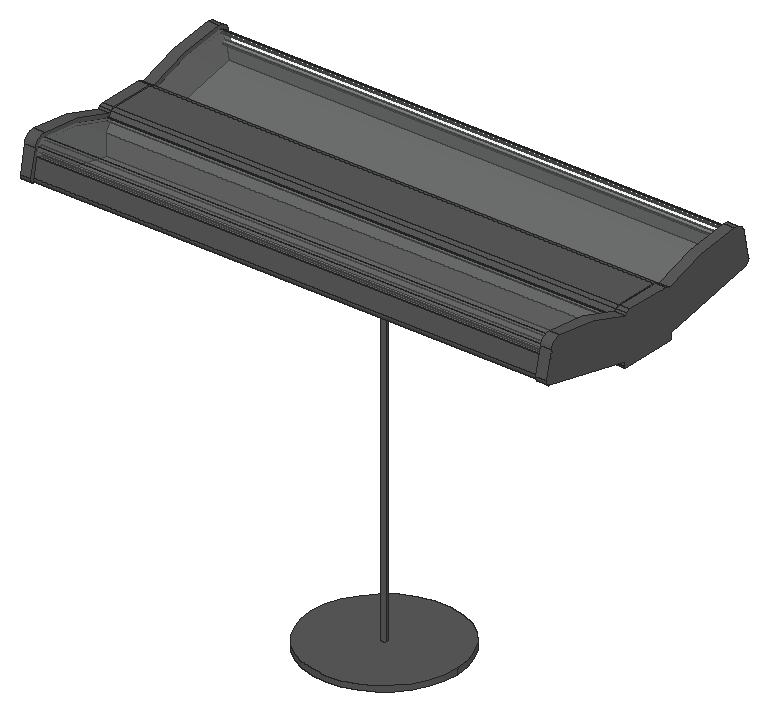
Revit family "Lighting_Linear_LED_StarTek_Avion1", category Lighting Fixtures, host Face, Revit 2019
Family settings
  Host = Face
  Round Connector Dimension = Use Diameter
  Part Type = Normal
  OmniClass Number = 23.80.70.11
  OmniClass Title = Luminaries for Internal Lighting
  Cut with Voids When Loaded = No
  Light Source = Yes
  Shared = No
  Room Calculation Point = No
Parameters (values of type "Not a Type - Load Type Catalog!")
  Width = 0' - 8 51/128"  # constant formula
  Weight = if(Length = 1' 6", 6.00 lbf, 11.60 lbf)  # 6.00 lbf
  Wattage Comments = "Efficacy up to 153 lm/W"
  Wattage = 135.7 W
  Voltage Range = "120-277V"
  built-in parameter 1150110 = 1 (stored number, unit not read)
  Voltage = 120 V
  URL = "https://starteklightingamerica.com/avion/"
  Type Comments = "Linear Lighting Fixture"  # constant formula
  built-in parameter 1114217 = 1 (stored number, unit not read)
  Tilt Angle = 90.00°  # constant formula
  built-in parameter 1150109 = 1 (stored number, unit not read)
  built-in parameter 1150134 = (empty or 0)
  built-in parameter 1150113 = 1 (stored number, unit not read)
  Product data url = "https://www.bimobject.com/startek-lighting/product/avion"
  Product Material [instance] = StarTek Lighting - Aluminum - Powder Coat Black
  Power Factor = 1
  Photometric Web File = "Generic Light Source Shown : Please download and link the IES file that best matches your fixture specification"
  Photometric Note = "Import IES files https://starteklightingamerica.com/"  # constant formula
  Phase = 1
  Output = "Standard"
  Number of Poles = 1
  Mounting [instance] = Mounting : Rigid Pendant (PM) - Specify Length
  Mount Finish Note [instance] = "Rigid pendant can be ordered in white (PMW) and black (PMB). Aircraft cables can be ordered in white (with loop: ALW, with canopy: ACW) and black (with loop: ALB, with canopy: ACB)."  # constant formula
  Mount Finish [instance] = StarTek Lighting - Aluminum - Powder Coat Black
  Model = ""
  Min Cord/Rod Length [instance] = 0' - 1"  # constant formula
  Max Cord/Rod Length [instance] = if(or(Mounting = AC 05, Mounting = AL05), 5' 0", if(or(Mounting = AC 10, Mounting = AL10), 10' 0", 10' 0"))  # 10' - 0"
  Manufacturer = "StarTek Lighting"  # constant formula
  MEP distance [instance] = if(and(Mounting = [Rigid Pendant (PM)], Length = 1' 6"), 0' 0", if(Length = 1' 6", 0' 6 3/8", 1' 3 3/8"))  # 0' - 0"
  built-in parameter 1150105 = 1490.2 (stored number, unit not read)
  Lumens = 18726.6 lm
  built-in parameter 1150115 = 1 (stored number, unit not read)
  built-in parameter 1150137 = (empty or 0)
  built-in parameter 1150139 = (empty or 0)
  Length = 1' - 6"
  Left cord 18" visibility [instance] = if(and(Length = 1' 6", Mounting = [Rigid Pendant (PM)]), 1 > 2, if(Length = 1' 6", 2 > 1, 1 > 2))  # no
  Lamp length 36" = Length = 3' 0"  # no
  Lamp length 18" = Length = 1' 6"  # yes
  built-in parameter 1150112 = 1 (stored number, unit not read)
  built-in parameter 1150114 = 1 (stored number, unit not read)
  Lamp = "LED"  # constant formula
  Keynote = "16500"
  Input Wattage = 45 W
  built-in parameter 1150132 = 2
  built-in parameter 1150102 = (empty or 0)
  built-in parameter 1150107 = 3500 (stored number, unit not read)
  built-in parameter 1150138 = (empty or 0)
  built-in parameter 1150106 = 14.902 (stored number, unit not read)
  Height = 0' - 2 13/128"  # constant formula
  Frequency = 60 Hz
  Field Specified Cable Length Override [instance] = no
  Description = "Avion"  # constant formula
  Emit from Rectangle Width = 0' - 8 3/8"  # constant formula
  Emit from Rectangle Length = Length - 0' 0 1/2"  # 1' - 5 1/2"
  Emit Shape Visible in Rendering = no
  built-in parameter 1150104 = 12.821 (stored number, unit not read)
  Dimming Lamp Color Temperature Shift = <None>
  Default Elevation = 4' - 0"
  Cord/rod length parameter [instance] = if(and(or(Mounting = AC 05, Mounting = AL05, Mounting = AC 10, Mounting = AL10), not(Field Specified Cable Length Override)), [Max Cord/Rod Length], if(and(Field Specified Cable Length Override, [Cord/Rod Length] < [Min Cord/Rod Length]), [Min Cord/Rod Length], if(and(Field Specified Cable Length Override, [Cord/Rod Length] > [Max Cord/Rod Length]), [Max Cord/Rod Length], [Cord/Rod Length])))  # 1' - 0"
  Rigid Pendant (PM) = Mounting : Rigid Pendant (PM) - Specify Length
  Cord/Rod Length [instance] = 1' - 0"
  AL05 = Mounting : Aircraft Cable with Loop 5' (AL05)
  AC 10 = Mounting : Aircraft Cable with Canopy 10' (AC10)
  AL10 = Mounting : Aircraft Cable with Loop 10' (AL10)
  AC 05 = Mounting : Aircraft Cable with Canopy 5' (AC05)
  Color Filter = 16777215
  Color [instance] = "Available options: Powder Coat White (PW), Powder Coat Black (PB), Powder Coat Silver (PS), Powder Coat Other (PBO)"  # constant formula
  built-in parameter 1114218 = 1 (stored number, unit not read)
  built-in parameter 1150133 = 10 (stored number, unit not read)
  Assembly Code = "D5020200"
  Apparent Load = Input Wattage / (Number of Poles * Power Factor)  # 45 VA
Reference planes (in)
  plane 1 "Center (Front/Back)": y = 0
  plane 2: z = 0
  plane 3 "Center (Left/Right)": x = 0
  plane 4: z = 12
  plane 5: x = 0
  plane 6: x = -9
  plane 7: x = 9
  plane 8: x = -8.63
  plane 9: x = 8.63
Forms (in)
  Extrusion 1, solid, material "StarTek Lighting - Aluminum - Powder Coat Black" <- "Product Material", detail levels fine
    sketch origin (0, 15.197, 12) x (0, 1, 0) y (-1, 0, 0)
      loop
        circle (-15.197, 6.375) r 0.1805
      loop
        circle (-15.197, 7.09113) r 0.36797
      loop
        circle (-15.197, -7) r 0.1805
    from 0 to 0.101
Dimensions and locks (in)
  locked: plane 4 to imposter light at 2.31677
  "Cord/rod length parameter": plane 4 to plane 2
  "MEP distance": plane 3 "Center (Left/Right)" to plane 5
  equal spacing: plane 6, plane 3 "Center (Left/Right)", plane 7
  "Length": plane 6 to plane 7
  locked: plane 9 to plane 7 at 0.37
  locked: plane 6 to plane 8 at 0.37
  plane 6 to Extrusion 1 sketch curve to Extrusion 1 sketch curve = 0' - 1.90887" locked, 0' - 0.71613" locked
  locked: Extrusion 1 sketch curve to plane 7 at 2
  aligned and locked: plane 2 to host face
  aligned and locked: level to host face
  aligned and locked: plane 2 to nested 1
  aligned and locked: plane 5 to nested 1
  aligned and locked: plane 1 "Center (Front/Back)" to nested 5
  aligned and locked: plane 3 "Center (Left/Right)" to nested 5
Automatic sketch dimensions
  host sketch curve to host sketch curve = 8' - 0"  (x2)
  plane 1 "Center (Front/Back)" to Extrusion 1 sketch curve = 0' - 0"  (x3)
  radius of Extrusion 1 sketch curve = 0' - 0.1805"  (x2)
  radius of Extrusion 1 sketch curve = 0' - 0.36797"
Nested families (in)
  nested 1: "Mounting" at (0, 0, 0), type <- "Mounting", Cord length <- "Cord/rod length parameter", type "Rigid Pendant (PM) - Specify Length"
    with Cord length 1' - 0", MAX cord length 5' - 0"
  nested 2: "Mounting" at (7, 0, 0), type <- "Mounting", visible <- "Left cord 18" visibility", Cord length <- "Cord/rod length parameter", type "Rigid Pendant (PM) - Specify Length"
    with Cord length 1' - 0", MAX cord length 5' - 0"
  nested 3: "Mounting" at (16, 0, 0), type <- "Mounting", visible <- "Lamp length 36"", Cord length <- "Cord/rod length parameter", type "Rigid Pendant (PM) - Specify Length"
    with Cord length 1' - 0", MAX cord length 5' - 0"
  nested 4: "Lena2d" at (0, 0, 0), Lamp length 18" <- "Lamp length 18"", Lamp length 36" <- "Lamp length 36"", type "Default"
    with Lamp length 36" no, Lamp length 18" yes
  nested 5: "Geometry" at (0, 0, 12), type "Geometry"
Connectors (in)
  electrical at (0, 0, 0), driven by "Power Factor", driven by "Apparent Load", driven by "Voltage", driven by "Number of Poles", driven by "Apparent Load"
    settings: on nested 1, index 1, voltage 120 V, apparent load 45 VA, apparent load phase1 45 VA, apparent load phase2 0 VA, apparent load phase3 0 VA, power factor 1, load classification "Other", number of poles 1, system type 30, power factor state 1, is connector primary yes, connector utility no, sub classification motor no, connector description "Power supply"
Definition of nested family "Mounting"
  Parameters (values of type "ACB10-Black 10'")
    Default Elevation = 4' - 0"
    Cord material = none
    MAX cord length = 10' - 0"
    Cord length [instance] = 10' - 0"
    Canopy = yes
  Types (10): name | MAX cord length | Cord length | Canopy
    ACB10-Black 10' | 10' - 0" | 10' - 0" | yes
    ACB05-Black 5' | 5' - 0" | 5' - 0" | yes
    ACW05-White 5' | 5' - 0" | 5' - 0" | yes
    ALW05-White 5' | 5' - 0" | 5' - 0" | no
    ALB05-Black 5' | 5' - 0" | 5' - 0" | no
    ACW10-White 10' | 10' - 0" | 10' - 0" | yes
    ALB10-Black 10' | 10' - 0" | 10' - 0" | no
    ALW10-White 10' | 10' - 0" | 10' - 0" | no
    PMB-Black-Specify Length | 5' - 0" | 5' - 0" | yes
    PMW-White-Specify Length | 5' - 0" | 5' - 0" | yes
  Reference planes (in)
    plane 1 "Center (Front/Back)": y = 0
    plane 2: z = 0
    plane 3 "Center (Left/Right)": x = 0
    plane 4 "canopy plane": z = 120
  Forms (in)
    Extrusion 1, solid, material <- "Cord material"
      sketch origin (0, 0, 0) x (1, 0, 0) y (0, 1, 0)
        loop
          circle (0, 0) r 0.09375
      from 0 to 120
    Extrusion 2, solid, material <- "Cord material", visible <- "Canopy"
      sketch origin (0, 0, 0.19141) x (-1, 0, 0) y (0, -1, 0)
        loop
          circle (0, 0) r 2.5
      from 0 to -0.19141
    Extrusion 3, solid, material <- "Cord material", visible <- "Canopy", not visible
      sketch origin (0, 0, 36) x (-1, 0, 0) y (0, -1, 0)
        loop
          circle (0, 0) r 2.5
      from 0 to -0.19141
  Dimensions and locks (in)
    "Cord length": plane 4 "canopy plane" to plane 2
    aligned and locked: plane 2 to level
    aligned and locked: plane 4 "canopy plane" to Extrusion 1
    aligned and locked: Extrusion 2 to plane 2
  Automatic sketch dimensions
    plane 1 "Center (Front/Back)" to Extrusion 1 sketch curve = 0' - 0"
    Extrusion 1 sketch curve to plane 3 "Center (Left/Right)" = 0' - 0"
    radius of Extrusion 1 sketch curve = 0' - 0 3/32"
    radius of Extrusion 2 sketch curve = 0' - 2 1/2"
    radius of Extrusion 3 sketch curve = 0' - 2 1/2"
Definition of nested family "Geometry"
  Parameters (values of type "Geometry")
    Width = 0' - 8 51/128"  # constant formula
    URL = ""
    Type Comments = ""
    Product Material = none
    Model = ""
    Manufacturer = ""
    Length = 1' - 6"
    Lamp length 36" = Length = 3' 0"  # no
    Lamp length 18" = Length = 1' 6"  # yes
    Keynote = ""
    Height = 0' - 2 13/128"  # constant formula
    Description = ""
    Default Elevation = 4' - 0"
    Assembly Code = ""
  Reference planes (in)
    plane 1 "Center (Front/Back)": y = 0
    plane 2: z = 0
    plane 3 "Center (Left/Right)": x = 0
    plane 4: x = 0
    plane 5: x = -9
    plane 6: x = 9
    plane 7: x = -8.63
    plane 8: x = 8.63
  Forms (in)
    Extrusion 1, solid
      sketch origin (0, 0, 0) x (1, 0, 0) y (0, 1, 0)
        loop
          line (-48, 48) -> (-48, -48) -> (48, -48) -> (48, 48) -> (-48, 48)
      from 0 to -12
    Extrusion 2, solid, material <- "Product Material", detail levels coarse
      sketch origin (0, 0, -60) x (0, 1, 0) y (0, 0, 1)
        loop
          arc (4.11143, 62.02518) -> (3.97574, 62.24253) -> (3.73214, 62.322) r 0.375
          arc (3.73214, 62.322) -> (2.30881, 62.13946) -> (0.94489, 61.69348) r 7.625
          line (0.94489, 61.69348) -> (0.89976, 61.75124) -> (0.7587, 61.80273) -> (-0.7587, 61.80273) -> (-0.89976, 61.75124) -> (-0.94489, 61.69348)
          arc (-0.94489, 61.69348) -> (-2.30881, 62.13946) -> (-3.73214, 62.322) r 7.625
          arc (-3.73214, 62.322) -> (-3.97574, 62.24253) -> (-4.11143, 62.02518) r 0.375
          line (-4.11143, 62.02518) -> (-4.29572, 61.15816)
          arc (-4.29572, 61.15816) -> (-4.27397, 61.04076) -> (-4.17557, 60.97313) r 0.156
          line (-4.17557, 60.97313) -> (-0.99219, 60.29649) -> (-0.99219, 60.15319)
          arc (-0.99219, 60.15319) -> (-0.97461, 60.11076) -> (-0.93219, 60.09319) r 0.06
          line (-0.93219, 60.09319) -> (0.93219, 60.09319)
          arc (0.93219, 60.09319) -> (0.97461, 60.11076) -> (0.99219, 60.15319) r 0.06
          line (0.99219, 60.15319) -> (0.99219, 60.29649) -> (4.17557, 60.97313)
          arc (4.17557, 60.97313) -> (4.27397, 61.04076) -> (4.29572, 61.15816) r 0.156
          line (4.29572, 61.15816) -> (4.11143, 62.02518)
      from -9 to 9
    Extrusion 3, solid, material <- "Product Material", detail levels medium+fine
      sketch origin (0, 0, -60) x (0, 1, 0) y (0, 0, 1)
        loop
          arc (4.08709, 60.96232) -> (4.18564, 61.03005) -> (4.20744, 61.14764) r 0.15625
          line (4.20744, 61.14764) -> (4.0844, 61.7265) -> (3.94291, 61.69642) -> (3.95539, 61.63773) -> (4.01862, 61.65118) -> (4.13621, 61.09797)
          arc (4.13621, 61.09797) -> (2.63166, 60.78584) -> (1.13056, 60.45752) r 142.71039
          line (1.13056, 60.45752) -> (1.13056, 61.18399) -> (0.88536, 61.49784) -> (1.01109, 61.59606) -> (0.89498, 61.74467) -> (0.75723, 61.79444) -> (-0.75723, 61.79444) -> (-0.89498, 61.74467) -> (-1.01109, 61.59606) -> (-0.88536, 61.49784) -> (-1.13056, 61.18399) -> (-1.13056, 60.45752)
          arc (-1.13056, 60.45752) -> (-2.63166, 60.78584) -> (-4.13621, 61.09797) r 142.71039
          line (-4.13621, 61.09797) -> (-4.01862, 61.65118) -> (-3.95539, 61.63773) -> (-3.94291, 61.69642) -> (-4.0844, 61.7265) -> (-4.20744, 61.14764)
          arc (-4.20744, 61.14764) -> (-4.18564, 61.03005) -> (-4.08709, 60.96232) r 0.15625
          line (-4.08709, 60.96232) -> (-0.98438, 60.30281) -> (-0.98438, 60.1611)
          arc (-0.98438, 60.1611) -> (-0.96677, 60.1186) -> (-0.92428, 60.101) r 0.0601
          line (-0.92428, 60.101) -> (0.92427, 60.101)
          arc (0.92427, 60.101) -> (0.96677, 60.1186) -> (0.98437, 60.1611) r 0.0601
          line (0.98437, 60.1611) -> (0.98437, 60.30281) -> (4.08709, 60.96232)
      from -8.63 to 8.63
    Extrusion 4, solid, material <- "Product Material", detail levels medium+fine
      sketch origin (0, 15.197, 0) x (0, 1, 0) y (-1, 0, 0)
        loop
          circle (-15.197, 6.375) r 0.1805
        loop
          circle (-15.197, 7.09113) r 0.36797
        loop
          circle (-15.197, -7) r 0.1805
      from 0 to 0.101
    Extrusion 5, solid, detail levels medium+fine
      sketch origin (0, 0, -60) x (0, 1, 0) y (0, 0, 1)
        loop
          line (-0.9603, 61.43053) -> (-0.91105, 61.49357) -> (-1.05136, 61.6032)
          arc (-1.05136, 61.6032) -> (-2.37611, 62.02638) -> (-3.75621, 62.19771) r 7.5
          arc (-3.75621, 62.19771) -> (-3.91821, 62.1445) -> (-4.00841, 61.9998) r 0.25
          line (-4.00841, 61.9998) -> (-4.0652, 61.73264) -> (-3.84512, 61.68586) -> (-3.82848, 61.76411) -> (-3.95457, 61.79091)
          arc (-3.95457, 61.79091) -> (-3.93802, 61.9064) -> (-3.90617, 62.01864) r 0.87038
          arc (-3.90617, 62.01864) -> (-3.84664, 62.08888) -> (-3.7556, 62.10254) r 0.13088
          arc (-3.7556, 62.10254) -> (-2.3947, 61.95505) -> (-1.09231, 61.53367) r 6.69057
          line (-1.09231, 61.53367) -> (-0.9603, 61.43053)
        loop
          line (0.9603, 61.43053) -> (1.09231, 61.53367)
          arc (1.09231, 61.53367) -> (2.3947, 61.95505) -> (3.7556, 62.10254) r 6.69057
          arc (3.7556, 62.10254) -> (3.84664, 62.08888) -> (3.90617, 62.01864) r 0.13088
          arc (3.90617, 62.01864) -> (3.93802, 61.9064) -> (3.95457, 61.79091) r 0.87038
          line (3.95457, 61.79091) -> (3.82848, 61.76411) -> (3.84512, 61.68586) -> (4.0652, 61.73264) -> (4.00841, 61.9998)
          arc (4.00841, 61.9998) -> (3.91821, 62.1445) -> (3.75621, 62.19771) r 0.25
          arc (3.75621, 62.19771) -> (2.37611, 62.02638) -> (1.05136, 61.6032) r 7.5
          line (1.05136, 61.6032) -> (0.91105, 61.49357) -> (0.9603, 61.43053)
      from -8.63 to 8.63
    Extrusion 6, solid, material <- "Product Material", detail levels medium+fine
      sketch origin (0, 0, -60) x (0, 1, 0) y (0, 0, 1)
        loop
          arc (4.11143, 62.02518) -> (3.97574, 62.24253) -> (3.73214, 62.322) r 0.375
          arc (3.73214, 62.322) -> (2.30881, 62.13946) -> (0.94489, 61.69348) r 7.625
          line (0.94489, 61.69348) -> (0.89976, 61.75124) -> (0.7587, 61.80273) -> (-0.7587, 61.80273) -> (-0.89976, 61.75124) -> (-0.94489, 61.69348)
          arc (-0.94489, 61.69348) -> (-2.30881, 62.13946) -> (-3.73214, 62.322) r 7.625
          arc (-3.73214, 62.322) -> (-3.97574, 62.24253) -> (-4.11143, 62.02518) r 0.375
          line (-4.11143, 62.02518) -> (-4.29572, 61.15816)
          arc (-4.29572, 61.15816) -> (-4.27397, 61.04076) -> (-4.17557, 60.97313) r 0.156
          line (-4.17557, 60.97313) -> (-0.99219, 60.29649) -> (-0.99219, 60.15319)
          arc (-0.99219, 60.15319) -> (-0.97461, 60.11076) -> (-0.93219, 60.09319) r 0.06
          line (-0.93219, 60.09319) -> (0.93219, 60.09319)
          arc (0.93219, 60.09319) -> (0.97461, 60.11076) -> (0.99219, 60.15319) r 0.06
          line (0.99219, 60.15319) -> (0.99219, 60.29649) -> (4.17557, 60.97313)
          arc (4.17557, 60.97313) -> (4.27397, 61.04076) -> (4.29572, 61.15816) r 0.156
          line (4.29572, 61.15816) -> (4.11143, 62.02518)
      from -9 to -8.63
    Extrusion 7, solid, material <- "Product Material", detail levels medium+fine
      sketch origin (0, 0, -60) x (0, 1, 0) y (0, 0, 1)
        loop
          arc (4.11143, 62.02518) -> (3.97574, 62.24253) -> (3.73214, 62.322) r 0.375
          arc (3.73214, 62.322) -> (2.30881, 62.13946) -> (0.94489, 61.69348) r 7.625
          line (0.94489, 61.69348) -> (0.89976, 61.75124) -> (0.7587, 61.80273) -> (-0.7587, 61.80273) -> (-0.89976, 61.75124) -> (-0.94489, 61.69348)
          arc (-0.94489, 61.69348) -> (-2.30881, 62.13946) -> (-3.73214, 62.322) r 7.625
          arc (-3.73214, 62.322) -> (-3.97574, 62.24253) -> (-4.11143, 62.02518) r 0.375
          line (-4.11143, 62.02518) -> (-4.29572, 61.15816)
          arc (-4.29572, 61.15816) -> (-4.27397, 61.04076) -> (-4.17557, 60.97313) r 0.156
          line (-4.17557, 60.97313) -> (-0.99219, 60.29649) -> (-0.99219, 60.15319)
          arc (-0.99219, 60.15319) -> (-0.97461, 60.11076) -> (-0.93219, 60.09319) r 0.06
          line (-0.93219, 60.09319) -> (0.93219, 60.09319)
          arc (0.93219, 60.09319) -> (0.97461, 60.11076) -> (0.99219, 60.15319) r 0.06
          line (0.99219, 60.15319) -> (0.99219, 60.29649) -> (4.17557, 60.97313)
          arc (4.17557, 60.97313) -> (4.27397, 61.04076) -> (4.29572, 61.15816) r 0.156
          line (4.29572, 61.15816) -> (4.11143, 62.02518)
      from 8.63 to 9
  Dimensions and locks (in)
    plane 3 "Center (Left/Right)" to plane 4 = 0' - 0"
    Extrusion 2 sketch curve to Extrusion 2 sketch curve to Extrusion 2 sketch curve to Extrusion 2 sketch curve to Extrusion 2 sketch curve to Extrusion 2 sketch curve to Extrusion 2 sketch curve to Extrusion 2 sketch curve to Extrusion 2 sketch curve to Extrusion 2 sketch curve to Extrusion 2 sketch curve to Extrusion 2 sketch curve to Extrusion 2 sketch curve to Extrusion 2 sketch curve = 0' - 0" locked, 0' - 0.29683" locked, 0' - 0" locked, 0' - 0.22245" locked, 0' - 0.10925" locked, 0' - 0" locked, 0' - 0.53532" locked, 0' - 0" locked, 0' - 0.18503" locked, 0' - 0" locked, 0' - 0.67665" locked, 0' - 0" locked, 0' - 0.2033" locked
    equal spacing: plane 5, plane 3 "Center (Left/Right)", plane 6
    "Length": plane 5 to plane 6
    locked: plane 8 to plane 6 at 0.37
    locked: plane 5 to plane 7 at 0.37
    Extrusion 3 sketch curve to Extrusion 3 sketch curve to Extrusion 3 sketch curve to Extrusion 3 sketch curve to Extrusion 3 sketch curve to Extrusion 3 sketch curve to Extrusion 3 sketch curve to Extrusion 3 sketch curve to Extrusion 3 sketch curve to Extrusion 3 sketch curve to Extrusion 3 sketch curve to Extrusion 3 sketch curve to Extrusion 3 sketch curve to Extrusion 3 sketch curve to Extrusion 3 sketch curve to Extrusion 3 sketch curve to Extrusion 3 sketch curve to Extrusion 3 sketch curve to Extrusion 3 sketch curve to Extrusion 3 sketch curve to Extrusion 3 sketch curve to Extrusion 3 sketch curve to Extrusion 3 sketch curve to Extrusion 3 sketch curve to Extrusion 3 sketch curve to Extrusion 3 sketch curve to Extrusion 3 sketch curve to Extrusion 3 sketch curve = 0' - 0.04978" locked, 0' - 0" locked, 0' - 0.01817" locked, 0' - 0" locked, 0' - 0.03007" locked, 0' - 0" locked, 0' - 0.04525" locked, 0' - 0" locked, 0' - 0.01344" locked, 0' - 0" locked, 0' - 0.04167" locked, 0' - 0" locked, 0' - 0.09823" locked, 0' - 0" locked, 0' - 0.31384" locked, 0' - 0" locked, 0' - 0.03636" locked, 0' - 0" locked, 0' - 0.04967" locked, 0' - 0" locked, 0' - 0.13565" locked, 0' - 0" locked, 0' - 0.50479" locked, 0' - 0" locked, 0' - 0.15471" locked, 0' - 0" locked, 0' - 0.20181" locked
    plane 5 to Extrusion 4 sketch curve to Extrusion 4 sketch curve = 0' - 1.90887" locked, 0' - 0.71613" locked
    locked: Extrusion 4 sketch curve to plane 6 at 2
    Extrusion 6 sketch curve to Extrusion 6 sketch curve to Extrusion 6 sketch curve to Extrusion 6 sketch curve to Extrusion 6 sketch curve to Extrusion 6 sketch curve to Extrusion 6 sketch curve to Extrusion 6 sketch curve to Extrusion 6 sketch curve to Extrusion 6 sketch curve to Extrusion 6 sketch curve to Extrusion 6 sketch curve to Extrusion 6 sketch curve to Extrusion 6 sketch curve = 0' - 0" locked, 0' - 0.29683" locked, 0' - 0" locked, 0' - 0.22245" locked, 0' - 0.10925" locked, 0' - 0" locked, 0' - 0.53532" locked, 0' - 0" locked, 0' - 0.18503" locked, 0' - 0" locked, 0' - 0.67665" locked, 0' - 0" locked, 0' - 0.2033" locked
    Extrusion 7 sketch curve to Extrusion 7 sketch curve to Extrusion 7 sketch curve to Extrusion 7 sketch curve to Extrusion 7 sketch curve to Extrusion 7 sketch curve to Extrusion 7 sketch curve to Extrusion 7 sketch curve to Extrusion 7 sketch curve to Extrusion 7 sketch curve to Extrusion 7 sketch curve to Extrusion 7 sketch curve to Extrusion 7 sketch curve to Extrusion 7 sketch curve = 0' - 0" locked, 0' - 0.29683" locked, 0' - 0" locked, 0' - 0.22245" locked, 0' - 0.10925" locked, 0' - 0" locked, 0' - 0.53532" locked, 0' - 0" locked, 0' - 0.18503" locked, 0' - 0" locked, 0' - 0.67665" locked, 0' - 0" locked, 0' - 0.2033" locked
    aligned and locked: plane 2 to Extrusion 1
    aligned and locked: level to Extrusion 1
    aligned and locked: Extrusion 2 to plane 5
    aligned and locked: plane 6 to Extrusion 2
    aligned and locked: Extrusion 3 to plane 7
    aligned and locked: plane 8 to Extrusion 3
    aligned and locked: Extrusion 5 to plane 7
    aligned and locked: plane 8 to Extrusion 5
    aligned and locked: plane 5 to Extrusion 6
    aligned and locked: plane 7 to Extrusion 6
    aligned and locked: plane 6 to Extrusion 7
    aligned and locked: Extrusion 7 to plane 8
  Automatic sketch dimensions
    Extrusion 1 sketch curve to Extrusion 1 sketch curve = 8' - 0"  (x2)
    level to Extrusion 2 sketch curve = 0' - 1.15816"
    plane 1 "Center (Front/Back)" to Extrusion 2 sketch curve = 0' - 4.29572"
    Extrusion 2 sketch curve to Extrusion 2 sketch curve = 0' - 0.12016"
    Extrusion 2 sketch curve to Extrusion 2 sketch curve = 0' - 0.15259"  (x2)
    Extrusion 2 sketch curve to Extrusion 2 sketch curve = 0' - 0.18429"
    plane 1 "Center (Front/Back)" to Extrusion 2 sketch curve = 0' - 3.98613"
    Extrusion 2 sketch curve to Extrusion 2 sketch curve = 0' - 0.36681"  (x2)
    plane 1 "Center (Front/Back)" to Extrusion 2 sketch curve = 0' - 0 127/128"
    plane 1 "Center (Front/Back)" to Extrusion 2 sketch curve = 0' - 0.94489"
    Extrusion 2 sketch curve to Extrusion 2 sketch curve = 0' - 0.06"
    Extrusion 2 sketch curve to Extrusion 2 sketch curve = 0' - 0.04513"  (x2)
    Extrusion 2 sketch curve to Extrusion 2 sketch curve = 0' - 0.14106"  (x2)
    Extrusion 2 sketch curve to plane 1 "Center (Front/Back)" = 0' - 0.7587"
    level to Extrusion 2 sketch curve = 0' - 0.15319"
    Extrusion 2 sketch curve to plane 1 "Center (Front/Back)" = 0' - 0.93219"
    Extrusion 2 sketch curve to Extrusion 2 sketch curve = 0' - 2.79974"
    Extrusion 2 sketch curve to plane 1 "Center (Front/Back)" = 0' - 3.98613"
    Extrusion 2 sketch curve to Extrusion 2 sketch curve = 0' - 0.0317"
    Extrusion 2 sketch curve to Extrusion 2 sketch curve = 0' - 0.03243"
    Extrusion 2 sketch curve to level = 0' - 5.29877"  (x2)
    Extrusion 2 sketch curve to Extrusion 2 sketch curve = 0' - 0.05776"  (x2)
    plane 1 "Center (Front/Back)" to Extrusion 3 sketch curve = 2' - 8.37299"
    level to Extrusion 3 sketch curve = 0' - 1.14764"
    plane 1 "Center (Front/Back)" to Extrusion 3 sketch curve = 0' - 4.20744"
    Extrusion 3 sketch curve to Extrusion 3 sketch curve = 0' - 0.07123"
    Extrusion 3 sketch curve to Extrusion 3 sketch curve = 0' - 0.04912"  (x2)
    Extrusion 3 sketch curve to Extrusion 3 sketch curve = 0' - 0.08161"  (x2)
    plane 1 "Center (Front/Back)" to Extrusion 3 sketch curve = 0' - 1.13056"
    Extrusion 3 sketch curve to Extrusion 3 sketch curve = 0' - 0.11948"
    Extrusion 3 sketch curve to Extrusion 3 sketch curve = 0' - 0.14619"
    Extrusion 3 sketch curve to Extrusion 3 sketch curve = 0' - 0.0601"  (x2)
    Extrusion 3 sketch curve to Extrusion 3 sketch curve = 0' - 0.13775"  (x2)
    Extrusion 3 sketch curve to plane 1 "Center (Front/Back)" = 0' - 0.75723"
    Extrusion 3 sketch curve to Extrusion 3 sketch curve = 0' - 0.12813"
    Extrusion 3 sketch curve to Extrusion 3 sketch curve = 0' - 0.20629"
    Extrusion 3 sketch curve to Extrusion 3 sketch curve = 0' - 2.81235"
    Extrusion 3 sketch curve to Extrusion 3 sketch curve = 0' - 0.01247"
    Extrusion 3 sketch curve to plane 1 "Center (Front/Back)" = 2' - 8.37299"
    plane 1 "Center (Front/Back)" to Extrusion 4 sketch curve = 0' - 0"  (x3)
    level to Extrusion 5 sketch curve = 0' - 1.73264"
    plane 1 "Center (Front/Back)" to Extrusion 5 sketch curve = 0' - 4.0652"
    level to Extrusion 5 sketch curve = 0' - 1.9998"  (x2)
    Extrusion 5 sketch curve to Extrusion 5 sketch curve = 0' - 0.05679"
    plane 1 "Center (Front/Back)" to Extrusion 5 sketch curve = 0' - 3.98613"
    Extrusion 5 sketch curve to Extrusion 5 sketch curve = 0' - 0.11063"
    level to Extrusion 5 sketch curve = 0' - 1.68586"  (x2)
    level to Extrusion 5 sketch curve = 0' - 1.76411"  (x2)
    Extrusion 5 sketch curve to Extrusion 5 sketch curve = 0' - 0.19386"  (x2)
    Extrusion 5 sketch curve to Extrusion 5 sketch curve = 0' - 0.04555"
    Extrusion 5 sketch curve to Extrusion 5 sketch curve = 0' - 0.01906"  (x2)
    Extrusion 5 sketch curve to Extrusion 5 sketch curve = 0' - 0.67722"  (x2)
    plane 1 "Center (Front/Back)" to Extrusion 5 sketch curve = 0' - 1.09231"
    Extrusion 5 sketch curve to Extrusion 5 sketch curve = 0' - 0.04095"  (x2)
    Extrusion 5 sketch curve to Extrusion 5 sketch curve = 0' - 0.13201"
    Extrusion 5 sketch curve to Extrusion 5 sketch curve = 0' - 0.04925"  (x2)
    Extrusion 5 sketch curve to plane 1 "Center (Front/Back)" = 0' - 0.91105"
    Extrusion 5 sketch curve to Extrusion 5 sketch curve = 0' - 0.14031"
    Extrusion 5 sketch curve to Extrusion 5 sketch curve = 0' - 1.99434"
    Extrusion 5 sketch curve to plane 1 "Center (Front/Back)" = 0' - 3.79227"
    Extrusion 5 sketch curve to Extrusion 5 sketch curve = 0' - 0.06461"
    Extrusion 5 sketch curve to Extrusion 5 sketch curve = 0' - 0.01663"
    level to Extrusion 5 sketch curve = 0' - 1.79091"
    Extrusion 5 sketch curve to Extrusion 5 sketch curve = 0' - 0.05384"
    level to Extrusion 5 sketch curve = 0' - 1.6032"  (x2)
    Extrusion 5 sketch curve to Extrusion 5 sketch curve = 0' - 0.06953"  (x2)
    Extrusion 5 sketch curve to level = 0' - 4.58792"  (x2)
    Extrusion 5 sketch curve to Extrusion 5 sketch curve = 0' - 0.71084"  (x2)
    Extrusion 5 sketch curve to Extrusion 5 sketch curve = 0' - 0.03867"  (x2)
    Extrusion 5 sketch curve to Extrusion 5 sketch curve = 0' - 0.18372"  (x2)
    Extrusion 5 sketch curve to Extrusion 5 sketch curve = 0' - 0.02672"  (x2)
    Extrusion 5 sketch curve to Extrusion 5 sketch curve = 0' - 0"
    Extrusion 5 sketch curve to Extrusion 5 sketch curve = 0' - 0.00061"
    level to Extrusion 6 sketch curve = 0' - 1.15816"
    plane 1 "Center (Front/Back)" to Extrusion 6 sketch curve = 0' - 4.29572"
    Extrusion 6 sketch curve to Extrusion 6 sketch curve = 0' - 0.12016"
    Extrusion 6 sketch curve to Extrusion 6 sketch curve = 0' - 0.15259"  (x2)
    Extrusion 6 sketch curve to Extrusion 6 sketch curve = 0' - 0.18429"
    plane 1 "Center (Front/Back)" to Extrusion 6 sketch curve = 0' - 3.98613"
    Extrusion 6 sketch curve to Extrusion 6 sketch curve = 0' - 0.36681"  (x2)
    plane 1 "Center (Front/Back)" to Extrusion 6 sketch curve = 0' - 0 127/128"
    plane 1 "Center (Front/Back)" to Extrusion 6 sketch curve = 0' - 0.94489"
    Extrusion 6 sketch curve to Extrusion 6 sketch curve = 0' - 0.06"
    Extrusion 6 sketch curve to Extrusion 6 sketch curve = 0' - 0.04513"  (x2)
    Extrusion 6 sketch curve to Extrusion 6 sketch curve = 0' - 0.14106"  (x2)
    Extrusion 6 sketch curve to plane 1 "Center (Front/Back)" = 0' - 0.7587"
    level to Extrusion 6 sketch curve = 0' - 0.15319"
    Extrusion 6 sketch curve to plane 1 "Center (Front/Back)" = 0' - 0.93219"
    Extrusion 6 sketch curve to Extrusion 6 sketch curve = 0' - 2.79974"
    Extrusion 6 sketch curve to plane 1 "Center (Front/Back)" = 0' - 3.98613"
    Extrusion 6 sketch curve to Extrusion 6 sketch curve = 0' - 0.0317"
    Extrusion 6 sketch curve to Extrusion 6 sketch curve = 0' - 0.03243"
    Extrusion 6 sketch curve to level = 0' - 5.29877"  (x2)
    Extrusion 6 sketch curve to Extrusion 6 sketch curve = 0' - 0.05776"  (x2)
    level to Extrusion 7 sketch curve = 0' - 1.15816"
    plane 1 "Center (Front/Back)" to Extrusion 7 sketch curve = 0' - 4.29572"
    Extrusion 7 sketch curve to Extrusion 7 sketch curve = 0' - 0.12016"
    Extrusion 7 sketch curve to Extrusion 7 sketch curve = 0' - 0.15259"  (x2)
    Extrusion 7 sketch curve to Extrusion 7 sketch curve = 0' - 0.18429"
    plane 1 "Center (Front/Back)" to Extrusion 7 sketch curve = 0' - 3.98613"
    Extrusion 7 sketch curve to Extrusion 7 sketch curve = 0' - 0.36681"  (x2)
    plane 1 "Center (Front/Back)" to Extrusion 7 sketch curve = 0' - 0 127/128"
    plane 1 "Center (Front/Back)" to Extrusion 7 sketch curve = 0' - 0.94489"
    Extrusion 7 sketch curve to Extrusion 7 sketch curve = 0' - 0.06"
    Extrusion 7 sketch curve to Extrusion 7 sketch curve = 0' - 0.04513"  (x2)
    Extrusion 7 sketch curve to Extrusion 7 sketch curve = 0' - 0.14106"  (x2)
    Extrusion 7 sketch curve to plane 1 "Center (Front/Back)" = 0' - 0.7587"
    level to Extrusion 7 sketch curve = 0' - 0.15319"
    Extrusion 7 sketch curve to plane 1 "Center (Front/Back)" = 0' - 0.93219"
    Extrusion 7 sketch curve to Extrusion 7 sketch curve = 0' - 2.79974"
    Extrusion 7 sketch curve to plane 1 "Center (Front/Back)" = 0' - 3.98613"
    Extrusion 7 sketch curve to Extrusion 7 sketch curve = 0' - 0.0317"
    Extrusion 7 sketch curve to Extrusion 7 sketch curve = 0' - 0.03243"
    Extrusion 7 sketch curve to level = 0' - 5.29877"  (x2)
    Extrusion 7 sketch curve to Extrusion 7 sketch curve = 0' - 0.05776"  (x2)
    radius of Extrusion 4 sketch curve = 0' - 0.1805"  (x2)
    radius of Extrusion 4 sketch curve = 0' - 0.36797"
  Nested families (in)
    nested 1: "Lena2d" at (0, 0, 0), Lamp length 18" <- "Lamp length 18"", Lamp length 36" <- "Lamp length 36"", type "Default"
      with Lamp length 36" no, Lamp length 18" yes
  Definition of nested family "Lena2d"
    Parameters (values of type "Default")
      Lamp length 36" [instance] = no
      Lamp length 18" [instance] = yes
      Default Elevation = 4' - 0"
    Reference planes (in)
      plane 1 "Center (Front/Back)": y = 0
      plane 2: z = 0
      plane 3 "Center (Left/Right)": x = 0
    Lines and regions (in)
      Masking region 1, in view "Ref. Level", visible <- "Lamp length 36""
        outline origin (0, 0, 0) x (1, 0, 0) y (0, 1, 0)
          loop
            line (-17.95, -4.29908) -> (-17.87, -4.29695) -> (-17.63, -4.29695) -> (-17.63, -4.21085) -> (17.63, -4.21085) -> (17.63, -4.29695) -> (17.87, -4.29695) -> (17.95, -4.29908) -> (17.975, -4.27194) -> (18, -4.24736) -> (18, 4.24736) -> (17.975, 4.27194) -> (17.95, 4.29908) -> (17.87, 4.29695) -> (17.63, 4.29695) -> (17.63, 4.21085) -> (-17.63, 4.21085) -> (-17.63, 4.29695) -> (-17.87, 4.29695) -> (-17.95, 4.29908) -> (-17.975, 4.27194) -> (-18, 4.24736) -> (-18, -4.24736) -> (-17.975, -4.27194) -> (-17.95, -4.29908)
      Masking region 2, in view "Ref. Level", visible <- "Lamp length 18""
        outline origin (0, 0, 0) x (1, 0, 0) y (0, 1, 0)
          loop
            line (-8.95, -4.29908) -> (-8.87, -4.29695) -> (-8.63, -4.29695) -> (-8.63, -4.21085) -> (8.63, -4.21085) -> (8.63, -4.29695) -> (8.87, -4.29695) -> (8.95, -4.29908) -> (8.975, -4.27194) -> (9, -4.24736) -> (9, 4.24736) -> (8.975, 4.27194) -> (8.95, 4.29908) -> (8.87, 4.29695) -> (8.63, 4.29695) -> (8.63, 4.21085) -> (-8.63, 4.21085) -> (-8.63, 4.29695) -> (-8.87, 4.29695) -> (-8.95, 4.29908) -> (-8.975, 4.27194) -> (-9, 4.24736) -> (-9, -4.24736) -> (-8.975, -4.27194) -> (-8.95, -4.29908)
      reference lines, in view "Ref. Level", visible <- "Lamp length 18""
        curve 1: line (0, 0, 0) -> (0, 0.125, 0)
        curve 2: line (0, 0, 0) -> (0.125, 0, 0)
      detail lines, in view "Ref. Level", visible <- "Lamp length 18""
        curve 3: line (8.63, 4.21085, 0) -> (8.63, 4.16799, 0)
        curve 4: line (8.63, 4.16799, 0) -> (8.75, 4.16799, 0)
        curve 5: line (8.75, 4.16799, 0) -> (8.75, -4.17691, 0)
        curve 6: line (8.75, -4.17691, 0) -> (8.63, -4.17691, 0)
        curve 7: line (8.63, -4.17691, 0) -> (8.63, -4.21085, 0)
        curve 8: line (8.75, 1.00422, 0) -> (-8.75, 1.00422, 0)
        curve 22: line (8.73438, 0.98303, 0) -> (8.73438, -0.98572, 0)
        curve 23: line (8.73438, -0.98572, 0) -> (-8.73437, -0.98572, 0)
        curve 24: line (-8.73437, -0.98572, 0) -> (-8.73437, 0.98303, 0)
        curve 25: line (-8.73437, 0.98303, 0) -> (8.73438, 0.98303, 0)
        curve 30: line (8.95, 4.29908, 0) -> (8.87, 4.29695, 0)
        curve 31: line (8.87, 4.29695, 0) -> (8.63, 4.29695, 0)
        curve 32: line (8.63, 4.29695, 0) -> (8.63, 4.21085, 0)
        curve 33: line (8.63, 4.21085, 0) -> (-8.63, 4.21085, 0)
        curve 34: line (-8.63, 4.21085, 0) -> (-8.63, 4.29695, 0)
        curve 35: line (-8.63, 4.29695, 0) -> (-8.87, 4.29695, 0)
        curve 36: line (-8.87, 4.29695, 0) -> (-8.95, 4.29908, 0)
        curve 37: line (-8.95, 4.29908, 0) -> (-9, 4.24736, 0)
        curve 38: line (-9, 4.24736, 0) -> (-9, -4.24736, 0)
        curve 39: line (-9, -4.24736, 0) -> (-8.95, -4.29908, 0)
        curve 40: line (-8.95, -4.29908, 0) -> (-8.87, -4.29695, 0)
        curve 41: line (-8.87, -4.29695, 0) -> (-8.63, -4.29695, 0)
        curve 42: line (-8.63, -4.29695, 0) -> (-8.63, -4.21085, 0)
        curve 43: line (-8.63, -4.21085, 0) -> (8.63, -4.21085, 0)
        curve 44: line (8.63, -4.21085, 0) -> (8.63, -4.29695, 0)
        curve 45: line (8.63, -4.29695, 0) -> (8.87, -4.29695, 0)
        curve 46: line (8.87, -4.29695, 0) -> (8.95, -4.29908, 0)
        curve 47: line (8.95, -4.29908, 0) -> (9, -4.24736, 0)
        curve 48: line (9, -4.24736, 0) -> (9, 4.24736, 0)
        curve 49: line (9, 4.24736, 0) -> (8.95, 4.29908, 0)
        curve 50: line (-8.75, -1.00691, 0) -> (8.75, -1.00691, 0)
        curve 94: line (-8.63, 4.21085, 0) -> (-8.63, 4.16799, 0)
        curve 95: line (-8.63, 4.16799, 0) -> (-8.75, 4.16799, 0)
        curve 96: line (-8.75, 4.16799, 0) -> (-8.75, -4.17691, 0)
        curve 97: line (-8.75, -4.17691, 0) -> (-8.63, -4.17691, 0)
        curve 98: line (-8.63, -4.17691, 0) -> (-8.63, -4.21085, 0)
      detail lines, in view "Ref. Level", visible <- "Lamp length 36"", detail levels fine
        curve 9: line (-14.65625, -0.31384, 0) -> (-14.61964, -0.40223, 0)
        curve 10: line (-14.61964, -0.40223, 0) -> (-14.53125, -0.43884, 0)
        curve 11: line (-14.53125, -0.43884, 0) -> (15.59375, -0.43884, 0)
        curve 12: line (15.59375, -0.43884, 0) -> (15.68214, -0.40223, 0)
        curve 13: line (15.68214, -0.40223, 0) -> (15.71875, -0.31384, 0)
        curve 14: line (15.71875, -0.31384, 0) -> (15.71875, 0.31116, 0)
        curve 15: line (15.71875, 0.31116, 0) -> (15.68214, 0.39954, 0)
        curve 16: line (15.68214, 0.39954, 0) -> (15.59375, 0.43616, 0)
        curve 17: line (15.59375, 0.43616, 0) -> (-14.53125, 0.43616, 0)
        curve 18: line (-14.53125, 0.43616, 0) -> (-14.61964, 0.39954, 0)
        curve 19: line (-14.61964, 0.39954, 0) -> (-14.65625, 0.31116, 0)
        curve 20: line (-14.65625, 0.31116, 0) -> (-14.65625, -0.31384, 0)
      detail lines, in view "Ref. Level", visible <- "Lamp length 36""
        curve 21: line (-17.75, -1.00691, 0) -> (17.75, -1.00691, 0)
        curve 26: line (17.73438, 0.98303, 0) -> (17.73438, -0.98572, 0)
        curve 27: line (17.73438, -0.98572, 0) -> (-17.73437, -0.98572, 0)
        curve 28: line (-17.73437, -0.98572, 0) -> (-17.73437, 0.98303, 0)
        curve 29: line (-17.73437, 0.98303, 0) -> (17.73438, 0.98303, 0)
        curve 63: line (17.75, 1.00422, 0) -> (-17.75, 1.00422, 0)
        curve 64: line (-17.63, 4.21085, 0) -> (-17.63, 4.16799, 0)
        curve 65: line (-17.63, 4.16799, 0) -> (-17.75, 4.16799, 0)
        curve 66: line (-17.75, 4.16799, 0) -> (-17.75, -4.17691, 0)
        curve 67: line (-17.75, -4.17691, 0) -> (-17.63, -4.17691, 0)
        curve 68: line (-17.63, -4.17691, 0) -> (-17.63, -4.21085, 0)
        curve 69: line (17.63, 4.21085, 0) -> (17.63, 4.16799, 0)
        curve 70: line (17.63, 4.16799, 0) -> (17.75, 4.16799, 0)
        curve 71: line (17.75, 4.16799, 0) -> (17.75, -4.17691, 0)
        curve 72: line (17.75, -4.17691, 0) -> (17.63, -4.17691, 0)
        curve 73: line (17.63, -4.17691, 0) -> (17.63, -4.21085, 0)
        curve 74: line (17.95, 4.29908, 0) -> (17.87, 4.29695, 0)
        curve 75: line (17.87, 4.29695, 0) -> (17.63, 4.29695, 0)
        curve 76: line (17.63, 4.29695, 0) -> (17.63, 4.21085, 0)
        curve 77: line (17.63, 4.21085, 0) -> (-17.63, 4.21085, 0)
        curve 78: line (-17.63, 4.21085, 0) -> (-17.63, 4.29695, 0)
        curve 79: line (-17.63, 4.29695, 0) -> (-17.87, 4.29695, 0)
        curve 80: line (-17.87, 4.29695, 0) -> (-17.95, 4.29908, 0)
        curve 81: line (-17.95, 4.29908, 0) -> (-18, 4.24736, 0)
        curve 82: line (-18, 4.24736, 0) -> (-18, -4.24736, 0)
        curve 83: line (-18, -4.24736, 0) -> (-17.95, -4.29908, 0)
        curve 84: line (-17.95, -4.29908, 0) -> (-17.87, -4.29695, 0)
        curve 85: line (-17.87, -4.29695, 0) -> (-17.63, -4.29695, 0)
        curve 86: line (-17.63, -4.29695, 0) -> (-17.63, -4.21085, 0)
        curve 87: line (-17.63, -4.21085, 0) -> (17.63, -4.21085, 0)
        curve 88: line (17.63, -4.21085, 0) -> (17.63, -4.29695, 0)
        curve 89: line (17.63, -4.29695, 0) -> (17.87, -4.29695, 0)
        curve 90: line (17.87, -4.29695, 0) -> (17.95, -4.29908, 0)
        curve 91: line (17.95, -4.29908, 0) -> (18, -4.24736, 0)
        curve 92: line (18, -4.24736, 0) -> (18, 4.24736, 0)
        curve 93: line (18, 4.24736, 0) -> (17.95, 4.29908, 0)
      detail lines, in view "Ref. Level", visible <- "Lamp length 18"", detail levels fine
        curve 51: line (-5.65625, -0.31384, 0) -> (-5.61964, -0.40223, 0)
        curve 52: line (-5.61964, -0.40223, 0) -> (-5.53125, -0.43884, 0)
        curve 53: line (-5.53125, -0.43884, 0) -> (6.59375, -0.43884, 0)
        curve 54: line (6.59375, -0.43884, 0) -> (6.68214, -0.40223, 0)
        curve 55: line (6.68214, -0.40223, 0) -> (6.71875, -0.31384, 0)
        curve 56: line (6.71875, -0.31384, 0) -> (6.71875, 0.31116, 0)
        curve 57: line (6.71875, 0.31116, 0) -> (6.68214, 0.39954, 0)
        curve 58: line (6.68214, 0.39954, 0) -> (6.59375, 0.43616, 0)
        curve 59: line (6.59375, 0.43616, 0) -> (-5.53125, 0.43616, 0)
        curve 60: line (-5.53125, 0.43616, 0) -> (-5.61964, 0.39954, 0)
        curve 61: line (-5.61964, 0.39954, 0) -> (-5.65625, 0.31116, 0)
        curve 62: line (-5.65625, 0.31116, 0) -> (-5.65625, -0.31384, 0)
    Dimensions and locks (in)
      curve 1 to curve 1 = 0' - 0 1/8"
      curve 2 to curve 2 = 0' - 0 1/8"
      aligned and locked: plane 1 "Center (Front/Back)" to curve 1
      aligned and locked: plane 3 "Center (Left/Right)" to curve 1
      aligned and locked: plane 1 "Center (Front/Back)" to curve 2
Definition of nested family "Lena2d"
  Parameters (values of type "Default")
    Lamp length 36" [instance] = no
    Lamp length 18" [instance] = yes
    Default Elevation = 4' - 0"
  Reference planes (in)
    plane 1 "Center (Front/Back)": y = 0
    plane 2: z = 0
    plane 3 "Center (Left/Right)": x = 0
  Lines and regions (in)
    Masking region 1, in view "Ref. Level", visible <- "Lamp length 36"", detail levels medium+fine
      outline origin (0, 0, 0) x (1, 0, 0) y (0, 1, 0)
        loop
          line (-17.95, -4.29908) -> (-17.87, -4.29695) -> (-17.63, -4.29695) -> (-17.63, -4.21085) -> (17.63, -4.21085) -> (17.63, -4.29695) -> (17.87, -4.29695) -> (17.95, -4.29908) -> (17.975, -4.27194) -> (18, -4.24736) -> (18, 4.24736) -> (17.975, 4.27194) -> (17.95, 4.29908) -> (17.87, 4.29695) -> (17.63, 4.29695) -> (17.63, 4.21085) -> (-17.63, 4.21085) -> (-17.63, 4.29695) -> (-17.87, 4.29695) -> (-17.95, 4.29908) -> (-17.975, 4.27194) -> (-18, 4.24736) -> (-18, -4.24736) -> (-17.975, -4.27194) -> (-17.95, -4.29908)
    Masking region 2, in view "Ref. Level", visible <- "Lamp length 18"", detail levels medium+fine
      outline origin (0, 0, 0) x (1, 0, 0) y (0, 1, 0)
        loop
          line (-8.95, -4.29908) -> (-8.87, -4.29695) -> (-8.63, -4.29695) -> (-8.63, -4.21085) -> (8.63, -4.21085) -> (8.63, -4.29695) -> (8.87, -4.29695) -> (8.95, -4.29908) -> (8.975, -4.27194) -> (9, -4.24736) -> (9, 4.24736) -> (8.975, 4.27194) -> (8.95, 4.29908) -> (8.87, 4.29695) -> (8.63, 4.29695) -> (8.63, 4.21085) -> (-8.63, 4.21085) -> (-8.63, 4.29695) -> (-8.87, 4.29695) -> (-8.95, 4.29908) -> (-8.975, 4.27194) -> (-9, 4.24736) -> (-9, -4.24736) -> (-8.975, -4.27194) -> (-8.95, -4.29908)
    Masking region 3, in view "Ref. Level", visible <- "Lamp length 36"", detail levels coarse
      outline origin (0, 0, 0) x (1, 0, 0) y (0, 1, 0)
        loop
          line (-18, 4.29695) -> (-18, -4.29695) -> (18, -4.29695) -> (18, 4.29695) -> (-18, 4.29695)
    Masking region 4, in view "Ref. Level", visible <- "Lamp length 18"", detail levels coarse
      outline origin (0, 0, 0) x (1, 0, 0) y (0, 1, 0)
        loop
          line (-9, 4.29908) -> (-9, -4.24736) -> (9, -4.24736) -> (9, 4.29908) -> (-9, 4.29908)
    reference lines, in view "Ref. Level", visible <- "Lamp length 18""
      curve 1: line (0, 0, 0) -> (0, 0.125, 0)
      curve 2: line (0, 0, 0) -> (0.125, 0, 0)
    detail lines, in view "Ref. Level", visible <- "Lamp length 18"", detail levels medium+fine
      curve 3: line (8.63, 4.21085, 0) -> (8.63, 4.16799, 0)
      curve 4: line (8.63, 4.16799, 0) -> (8.75, 4.16799, 0)
      curve 5: line (8.75, 4.16799, 0) -> (8.75, -4.17691, 0)
      curve 6: line (8.75, -4.17691, 0) -> (8.63, -4.17691, 0)
      curve 7: line (8.63, -4.17691, 0) -> (8.63, -4.21085, 0)
      curve 8: line (8.75, 1.00422, 0) -> (-8.75, 1.00422, 0)
      curve 23: line (8.73438, -0.98572, 0) -> (-8.73437, -0.98572, 0)
      curve 25: line (-8.73437, 0.98303, 0) -> (8.73438, 0.98303, 0)
      curve 30: line (8.95, 4.29908, 0) -> (8.87, 4.29695, 0)
      curve 31: line (8.87, 4.29695, 0) -> (8.63, 4.29695, 0)
      curve 32: line (8.63, 4.29695, 0) -> (8.63, 4.21085, 0)
      curve 33: line (8.63, 4.21085, 0) -> (-8.63, 4.21085, 0)
      curve 34: line (-8.63, 4.21085, 0) -> (-8.63, 4.29695, 0)
      curve 35: line (-8.63, 4.29695, 0) -> (-8.87, 4.29695, 0)
      curve 36: line (-8.87, 4.29695, 0) -> (-8.95, 4.29908, 0)
      curve 37: line (-8.95, 4.29908, 0) -> (-9, 4.24736, 0)
      curve 38: line (-9, 4.24736, 0) -> (-9, -4.24736, 0)
      curve 39: line (-9, -4.24736, 0) -> (-8.95, -4.29908, 0)
      curve 40: line (-8.95, -4.29908, 0) -> (-8.87, -4.29695, 0)
      curve 41: line (-8.87, -4.29695, 0) -> (-8.63, -4.29695, 0)
      curve 42: line (-8.63, -4.29695, 0) -> (-8.63, -4.21085, 0)
      curve 43: line (-8.63, -4.21085, 0) -> (8.63, -4.21085, 0)
      curve 44: line (8.63, -4.21085, 0) -> (8.63, -4.29695, 0)
      curve 45: line (8.63, -4.29695, 0) -> (8.87, -4.29695, 0)
      curve 46: line (8.87, -4.29695, 0) -> (8.95, -4.29908, 0)
      curve 47: line (8.95, -4.29908, 0) -> (9, -4.24736, 0)
      curve 48: line (9, -4.24736, 0) -> (9, 4.24736, 0)
      curve 49: line (9, 4.24736, 0) -> (8.95, 4.29908, 0)
      curve 50: line (-8.75, -1.00691, 0) -> (8.75, -1.00691, 0)
      curve 94: line (-8.63, 4.21085, 0) -> (-8.63, 4.16799, 0)
      curve 95: line (-8.63, 4.16799, 0) -> (-8.75, 4.16799, 0)
      curve 96: line (-8.75, 4.16799, 0) -> (-8.75, -4.17691, 0)
      curve 97: line (-8.75, -4.17691, 0) -> (-8.63, -4.17691, 0)
      curve 98: line (-8.63, -4.17691, 0) -> (-8.63, -4.21085, 0)
    detail lines, in view "Ref. Level", visible <- "Lamp length 36"", detail levels fine
      curve 9: line (-14.65625, -0.31384, 0) -> (-14.61964, -0.40223, 0)
      curve 10: line (-14.61964, -0.40223, 0) -> (-14.53125, -0.43884, 0)
      curve 11: line (-14.53125, -0.43884, 0) -> (15.59375, -0.43884, 0)
      curve 12: line (15.59375, -0.43884, 0) -> (15.68214, -0.40223, 0)
      curve 13: line (15.68214, -0.40223, 0) -> (15.71875, -0.31384, 0)
      curve 14: line (15.71875, -0.31384, 0) -> (15.71875, 0.31116, 0)
      curve 15: line (15.71875, 0.31116, 0) -> (15.68214, 0.39954, 0)
      curve 16: line (15.68214, 0.39954, 0) -> (15.59375, 0.43616, 0)
      curve 17: line (15.59375, 0.43616, 0) -> (-14.53125, 0.43616, 0)
      curve 18: line (-14.53125, 0.43616, 0) -> (-14.61964, 0.39954, 0)
      curve 19: line (-14.61964, 0.39954, 0) -> (-14.65625, 0.31116, 0)
      curve 20: line (-14.65625, 0.31116, 0) -> (-14.65625, -0.31384, 0)
    detail lines, in view "Ref. Level", visible <- "Lamp length 36"", detail levels medium+fine
      curve 21: line (-17.75, -1.00691, 0) -> (17.75, -1.00691, 0)
      curve 26: line (17.73438, 0.98303, 0) -> (17.73438, -0.98572, 0)
      curve 27: line (17.73438, -0.98572, 0) -> (-17.73437, -0.98572, 0)
      curve 28: line (-17.73437, -0.98572, 0) -> (-17.73437, 0.98303, 0)
      curve 29: line (-17.73437, 0.98303, 0) -> (17.73438, 0.98303, 0)
      curve 63: line (17.75, 1.00422, 0) -> (-17.75, 1.00422, 0)
      curve 64: line (-17.63, 4.21085, 0) -> (-17.63, 4.16799, 0)
      curve 65: line (-17.63, 4.16799, 0) -> (-17.75, 4.16799, 0)
      curve 66: line (-17.75, 4.16799, 0) -> (-17.75, -4.17691, 0)
      curve 67: line (-17.75, -4.17691, 0) -> (-17.63, -4.17691, 0)
      curve 68: line (-17.63, -4.17691, 0) -> (-17.63, -4.21085, 0)
      curve 69: line (17.63, 4.21085, 0) -> (17.63, 4.16799, 0)
      curve 70: line (17.63, 4.16799, 0) -> (17.75, 4.16799, 0)
      curve 71: line (17.75, 4.16799, 0) -> (17.75, -4.17691, 0)
      curve 72: line (17.75, -4.17691, 0) -> (17.63, -4.17691, 0)
      curve 73: line (17.63, -4.17691, 0) -> (17.63, -4.21085, 0)
      curve 74: line (17.95, 4.29908, 0) -> (17.87, 4.29695, 0)
      curve 75: line (17.87, 4.29695, 0) -> (17.63, 4.29695, 0)
      curve 76: line (17.63, 4.29695, 0) -> (17.63, 4.21085, 0)
      curve 77: line (17.63, 4.21085, 0) -> (-17.63, 4.21085, 0)
      curve 78: line (-17.63, 4.21085, 0) -> (-17.63, 4.29695, 0)
      curve 79: line (-17.63, 4.29695, 0) -> (-17.87, 4.29695, 0)
      curve 80: line (-17.87, 4.29695, 0) -> (-17.95, 4.29908, 0)
      curve 81: line (-17.95, 4.29908, 0) -> (-18, 4.24736, 0)
      curve 82: line (-18, 4.24736, 0) -> (-18, -4.24736, 0)
      curve 83: line (-18, -4.24736, 0) -> (-17.95, -4.29908, 0)
      curve 84: line (-17.95, -4.29908, 0) -> (-17.87, -4.29695, 0)
      curve 85: line (-17.87, -4.29695, 0) -> (-17.63, -4.29695, 0)
      curve 86: line (-17.63, -4.29695, 0) -> (-17.63, -4.21085, 0)
      curve 87: line (-17.63, -4.21085, 0) -> (17.63, -4.21085, 0)
      curve 88: line (17.63, -4.21085, 0) -> (17.63, -4.29695, 0)
      curve 89: line (17.63, -4.29695, 0) -> (17.87, -4.29695, 0)
      curve 90: line (17.87, -4.29695, 0) -> (17.95, -4.29908, 0)
      curve 91: line (17.95, -4.29908, 0) -> (18, -4.24736, 0)
      curve 92: line (18, -4.24736, 0) -> (18, 4.24736, 0)
      curve 93: line (18, 4.24736, 0) -> (17.95, 4.29908, 0)
    detail lines, in view "Ref. Level", visible <- "Lamp length 18"", detail levels fine
      curve 22: line (8.73438, 0.98303, 0) -> (8.73438, -0.98572, 0)
      curve 24: line (-8.73437, -0.98572, 0) -> (-8.73437, 0.98303, 0)
      curve 51: line (-5.65625, -0.31384, 0) -> (-5.61964, -0.40223, 0)
      curve 52: line (-5.61964, -0.40223, 0) -> (-5.53125, -0.43884, 0)
      curve 53: line (-5.53125, -0.43884, 0) -> (6.59375, -0.43884, 0)
      curve 54: line (6.59375, -0.43884, 0) -> (6.68214, -0.40223, 0)
      curve 55: line (6.68214, -0.40223, 0) -> (6.71875, -0.31384, 0)
      curve 56: line (6.71875, -0.31384, 0) -> (6.71875, 0.31116, 0)
      curve 57: line (6.71875, 0.31116, 0) -> (6.68214, 0.39954, 0)
      curve 58: line (6.68214, 0.39954, 0) -> (6.59375, 0.43616, 0)
      curve 59: line (6.59375, 0.43616, 0) -> (-5.53125, 0.43616, 0)
      curve 60: line (-5.53125, 0.43616, 0) -> (-5.61964, 0.39954, 0)
      curve 61: line (-5.61964, 0.39954, 0) -> (-5.65625, 0.31116, 0)
      curve 62: line (-5.65625, 0.31116, 0) -> (-5.65625, -0.31384, 0)
  Dimensions and locks (in)
    curve 1 to curve 1 = 0' - 0 1/8"
    curve 2 to curve 2 = 0' - 0 1/8"
    equal spacing: Masking region 3 sketch curve, plane 3 "Center (Left/Right)", Masking region 3 sketch curve
    locked: Masking region 3 sketch curve to Masking region 3 sketch curve at 36
    aligned and locked: plane 1 "Center (Front/Back)" to curve 1
    aligned and locked: plane 3 "Center (Left/Right)" to curve 1
    aligned and locked: plane 1 "Center (Front/Back)" to curve 2
